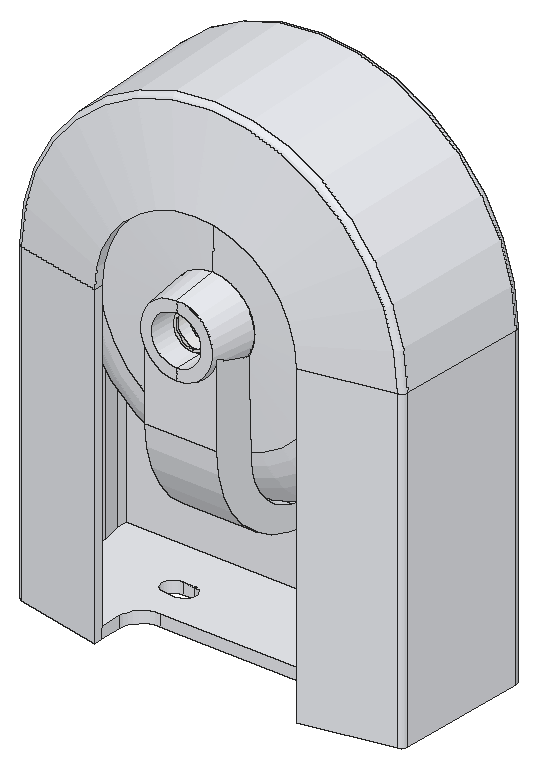
Revit family "CLARK ROUND 350 WB", category Plumbing Fixtures, host Face, Revit 2015
Parameters (values of type "CLARK ROUND 350 WB NTH")
  Waste Connection = yes
  Vent Connection = no
  URL = "https://www.clark.com.au/"
  Tap Penetrations = if([3 Tapholes], 50 mm, -5 mm)  # -5 mm
  Spout Penetration = if(or([1 Taphole], [3 Tapholes]), 50 mm, -5 mm)  # -5 mm
  Model = "CL40002-W0"
  Material_Waste = GWA_Metal-Chrome
  Material_Basin = GWA-Porcelain-White
  Manufacturer = "GWA Bathrooms & Kitchens"  # constant formula
  HW Connection = no
  Description = "CLARK ROUND 350 WB NTH"
  Default Elevation = 0 mm
  CreatedBy_ANZRS = "GWA Bathrooms & Kitchens"  # constant formula
  CW Connection = no
  Assembly Code = "D2010400"
  3 Tapholes = no
  1 Taphole = no
Types (4, lengths in mm): name | Tap Penetrations | Spout Penetration | Model | Description | 3 Tapholes | 1 Taphole
  (no name) | -5 | -5 | "CL40002-W0" | "CLARK ROUND 350 WB NTH" | no | no
  CLARK ROUND 350 WB NTH | -5 | -5 | "CL40002-W0" | "CLARK ROUND 350 WB NTH" | no | no
  CLARK ROUND 350 WB 1TH | -5 | 50 | "CL40002-W1" | "CLARK ROUND 350 WB 1TH" | no | yes
  CLARK ROUND 350 WB 3TH | 50 | 50 | "CL40002-W3" | "CLARK ROUND 350 WB 3TH" | yes | yes
Reference planes
  plane 1 "Center (Front/Back)": y = 0
  plane 2: z = 0
  plane 3 "Center (Left/Right)": x = 0
Forms (mm)
  Revolve 1, solid, material "GWA-Porcelain-White" <- "Material_Basin"
    sketch origin (0, 0, 0) x (0, 1, 0) y (0, 0, 1)
      loop
        line (-114.935, 317.767) -> (-112.667, 382.698)
        arc (-112.667, 382.698) -> (-101, 413.093) -> (-73.093, 429.861) r 50
        line (-73.093, 429.861) -> (-4.356, 444.471)
        arc (-4.356, 444.471) -> (-1.225, 446.337) -> (0, 449.77) r 5.382
        line (0, 449.77) -> (-17.905, 449.77) -> (-74.757, 437.686)
        arc (-74.757, 437.686) -> (-107.128, 418.235) -> (-120.662, 382.977) r 58
        line (-120.662, 382.977) -> (-122.94, 317.767) -> (-114.935, 317.767)
      axis (-122.94, 280.897) -> (0, 280.897)
    angle from 0 to 360
  Sweep 2, solid, material "GWA-Porcelain-White" <- "Material_Basin"
    path in 3D
      loop
        line (-168.873, 0, 0) -> (-168.873, 0, 280.897)
        arc (-168.873, 0, 280.897) -> (0, 0, 449.77) -> (168.873, 0, 280.897) r 168.873
        line (168.873, 0, 280.897) -> (168.873, 0, 0)
    profile origin (0, 0, 449.77) x (0, 0, 1) y (0, -1, 0)
      loop
        line (-3.523, 34.478) -> (0, 17.905) -> (0, 0)
        arc (0, 0) -> (3.896, 1.684) -> (5.36, 5.668) r 5.382
        line (5.36, 5.668) -> (1.853, 120.626)
        arc (1.853, 120.626) -> (0.633, 124.074) -> (-2.362, 126.173) r 6
        arc (-2.362, 126.173) -> (-40.546, 136.015) -> (-79.513, 142.051) r 400
        line (-79.513, 142.051) -> (-79.513, 133.997) -> (-42.414, 128.121) -> (-6.101, 119.001) -> (-3.523, 34.478)
  Revolve 3, solid, material "GWA-Porcelain-White" <- "Material_Basin"
    sketch origin (0, 0, 0) x (0, 1, 0) y (0, 0, 1)
      loop
        line (-162.935, 312.767) -> (-162.935, 302.767) -> (-127.935, 302.767) -> (-115.935, 314.767) -> (-114.935, 317.767) -> (-122.94, 317.767) -> (-162.935, 312.767)
      axis (-162.935, 280.897) -> (-114.935, 280.897)
    angle from 0 to 360
  Extrusion 4, void
    sketch origin (15.858, -61.929, 103.474) x (1, 0, 0) y (0, 0.978148, -0.207912)
      loop
        arc (-34.858, 36.397) -> (-40.858, 30.397) -> (-34.858, 24.397) r 6
        line (-34.858, 24.397) -> (3.142, 24.397)
        arc (3.142, 24.397) -> (9.142, 30.397) -> (3.142, 36.397) r 6
        line (3.142, 36.397) -> (-34.858, 36.397)
    from 0 to 50
  Extrusion 5, solid, material "GWA-Porcelain-White" <- "Material_Basin"
    sketch origin (0, 0, 0) x (1, 0, 0) y (0, 0, 1)
      loop
        arc (0, 112.024) -> (-119.411, 161.486) -> (-168.873, 280.897) r 168.873
        line (-168.873, 280.897) -> (-168.873, 0) -> (168.873, 0) -> (168.873, 280.897)
        arc (168.873, 280.897) -> (119.411, 161.486) -> (0, 112.024) r 168.873
    from 0 to 8
  Extrusion 6, solid, material "GWA-Porcelain-White" <- "Material_Basin"
    sketch origin (0, 0, 0) x (1, 0, 0) y (0, 1, 0)
      loop
        line (-168.873, -8) -> (-168.873, -17.905) -> (-165.35, -34.478) -> (-162.772, -119.001) -> (-126.459, -128.121) -> (-89.36, -133.997) -> (89.36, -133.997) -> (126.459, -128.121) -> (162.772, -119.001) -> (165.35, -34.478) -> (168.873, -17.905) -> (168.873, -8) -> (-168.873, -8)
    from 0 to 10
  Extrusion 7, void
    sketch origin (1.418, -99.19, 0) x (1, 0, 0) y (0, 1, 0)
      loop
        arc (-86.418, 49.19) -> (-96.418, 39.19) -> (-86.418, 29.19) r 10
        line (-86.418, 29.19) -> (-76.418, 29.19)
        arc (-76.418, 29.19) -> (-66.418, 39.19) -> (-76.418, 49.19) r 10
        line (-76.418, 49.19) -> (-86.418, 49.19)
    from -10 to 40
  Extrusion 8, void
    sketch origin (-1.418, -99.19, 0) x (-1, 0, 0) y (0, -1, 0)
      loop
        line (-86.418, -49.19) -> (-76.418, -49.19)
        arc (-76.418, -49.19) -> (-66.418, -39.19) -> (-76.418, -29.19) r 10
        line (-76.418, -29.19) -> (-86.418, -29.19)
        arc (-86.418, -29.19) -> (-96.418, -39.19) -> (-86.418, -49.19) r 10
    from -10 to 40
  Extrusion 9, void
    sketch origin (0, 0, 0) x (1, 0, 0) y (0, 1, 0)
      loop
        line (-89.36, -195) -> (89.36, -195) -> (89.36, -115)
        arc (89.36, -115) -> (83.502, -100.858) -> (69.36, -95) r 20
        line (69.36, -95) -> (-69.36, -95)
        arc (-69.36, -95) -> (-83.502, -100.858) -> (-89.36, -115) r 20
        line (-89.36, -115) -> (-89.36, -195)
    from -10 to 40
  Extrusion 10, solid, material "GWA-Porcelain-White" <- "Material_Basin"
    sketch origin (0, 0, 0) x (0, 1, 0) y (0, 0, 1)
      loop
        line (-17.905, 112.024) -> (-74.757, 124.108)
        arc (-74.757, 124.108) -> (-107.128, 143.559) -> (-120.662, 178.817) r 58
        line (-120.662, 178.817) -> (-122.94, 244.027) -> (-122.94, 279.027) -> (-157.935, 279.027) -> (-157.935, 201.298)
        arc (-157.935, 201.298) -> (-135.649, 138.366) -> (-78.726, 103.483) r 100
        line (-78.726, 103.483) -> (-17.905, 90.555) -> (-17.905, 112.024)
    from -32 to 32
  Revolve 11, void
    sketch origin (0, 0, 0) x (0, 1, 0) y (0, 0, 1)
      loop
        line (-162.935, 312.767) -> (-162.935, 280.897) -> (-114.935, 280.897) -> (-114.935, 317.767) -> (-122.94, 317.767) -> (-162.935, 312.767)
      axis (-162.935, 280.897) -> (-114.935, 280.897)
    angle from 0 to 360
  Revolve 12, solid, material "GWA_Metal-Chrome" <- "Material_Waste"
    sketch origin (0, -278.299, 359.381) x (0, 0, -1) y (0, 1, 0)
      loop
        line (95.607, 133.565) -> (97.728, 137.24) -> (97.728, 150.89) -> (99.827, 155.393) -> (99.827, 159.253) -> (108.473, 160.565) -> (108.473, 161.365) -> (98.478, 160.49) -> (98.478, 155.692) -> (95.729, 149.795) -> (95.729, 137.775) -> (93.299, 133.565) -> (95.607, 133.565)
      axis (78.484, 161.365) -> (78.484, 133.565)
    angle from 0 to 360
  Revolve 13, solid, material "GWA_Metal-Chrome" <- "Material_Waste"
    sketch origin (0, -278.299, 359.381) x (0, 0, -1) y (0, 1, 0)
      loop
        line (98.178, 159.504) -> (98.178, 160.504)
        arc (98.178, 160.504) -> (88.381, 161.998) -> (78.484, 162.514) r 100
        line (78.484, 162.514) -> (78.484, 159.504) -> (98.178, 159.504)
      axis (78.484, 162.514) -> (78.484, 159.504)
    angle from 0 to 360
  Extrusion 14, void
    sketch origin (416.235, 0, -44.65) x (1, 0, 0) y (0, 0, 1)
      loop
        circle (-416.235, 102.65) r 14
    from -10 to -5 <- "Spout Penetration"
  Extrusion 15, void
    sketch origin (227.839, 0, -8.854) x (1, 0, 0) y (0, 0, 1)
      loop
        circle (-327.839, 66.854) r 17
    from -10 to -5 <- "Tap Penetrations"
  Extrusion 16, void
    sketch origin (427.839, 0, -8.854) x (1, 0, 0) y (0, 0, 1)
      loop
        circle (-327.839, 66.854) r 17
    from -10 to -5 <- "Tap Penetrations"
Cuts and joins
  Extrusion 4 cuts Revolve 1
  Extrusion 7, Extrusion 8, Extrusion 9 cuts Extrusion 6
  Extrusion 9 cuts Sweep 2
  Revolve 11 cuts Extrusion 10
  Extrusion 14, Extrusion 15, Extrusion 16 cuts Extrusion 5
Lines and regions (mm)
  Masking region 1
    outline origin (0, 0, 0) x (1, 0, 0) y (0, 0, 1)
      loop
        arc (174.233, 280.902) -> (-0.002, 455.13) -> (-174.233, 280.897) r 174.233
        line (-174.233, 280.897) -> (-174.233, 0) -> (174.24, 0) -> (174.233, 280.902)
  Masking region 2
    outline origin (0, 0, 0) x (0, 1, 0) y (0, 0, 1)
      loop
        line (-6.186, 455.114) -> (-120.561, 451.572)
        arc (-120.561, 451.572) -> (-123.99, 450.364) -> (-126.092, 447.397) r 6
        arc (-126.092, 447.397) -> (-136.091, 409.245) -> (-142.051, 370.257) r 377.188
        line (-142.051, 370.257) -> (-142.051, 315.331) -> (-162.935, 312.767) -> (-162.935, 249.027) -> (-157.935, 248.402) -> (-157.935, 201.298)
        arc (-157.935, 201.298) -> (-153.882, 173.116) -> (-142.051, 147.219) r 100
        line (-142.051, 147.219) -> (-142.051, 0) -> (0, 0) -> (0, 449.117)
        arc (0, 449.117) -> (-1.824, 453.424) -> (-6.186, 455.114) r 6
  Masking region 3
    outline origin (0, 0, 0) x (1, 0, 0) y (0, 1, 0)
      loop
        line (168.22, 0) -> (-168.22, 0)
        arc (-168.22, 0) -> (-172.527, -1.823) -> (-174.217, -6.183) r 6
        line (-174.217, -6.183) -> (-170.726, -120.626)
        arc (-170.726, -120.626) -> (-169.506, -124.074) -> (-166.511, -126.173) r 6
        arc (-166.511, -126.173) -> (-128.327, -136.015) -> (-89.36, -142.051) r 400
        line (-89.36, -142.051) -> (-34.504, -142.051) -> (-31.87, -162.935) -> (0, -162.935) -> (31.87, -162.935) -> (34.504, -142.051) -> (89.36, -142.051)
        arc (89.36, -142.051) -> (128.327, -136.015) -> (166.511, -126.173) r 400
        arc (166.511, -126.173) -> (169.506, -124.074) -> (170.726, -120.626) r 6
        line (170.726, -120.626) -> (174.217, -6.183)
        arc (174.217, -6.183) -> (172.527, -1.823) -> (168.22, 0) r 6
  sketch lines
    curve 1: arc (-168.873, 0, 280.897) -> (0, 0, 449.77) -> (168.873, 0, 280.897) r 168.873
    curve 2: line (168.873, 0, 280.897) -> (168.873, 0, 0)
    curve 3: line (-168.873, 0, 280.897) -> (-168.873, 0, 0)
  symbolic lines
    curve 4: circle (0, 0, 280.897) r 163.574 normal (0, -1, 0)
    curve 5: arc (-174.233, 0, 280.902) -> (0.002, 0, 455.13) -> (174.233, 0, 280.897) r 174.233
    curve 6: line (174.233, 0, 280.897) -> (174.233, 0, 0)
    curve 7: line (174.233, 0, 0) -> (-174.24, 0, 0)
    curve 8: line (-174.24, 0, 0) -> (-174.233, 0, 280.902)
    curve 9: line (0, 0, 0) -> (0, 0, 449.117)
    curve 10: line (0, -6.186, 455.114) -> (0, -120.561, 451.572)
    curve 11: arc (0, -142.051, 370.257) -> (0, -136.091, 409.245) -> (0, -126.092, 447.397) r 377.188
    curve 12: arc (0, -126.092, 447.397) -> (0, -123.99, 450.364) -> (0, -120.561, 451.572) r 6
    curve 13: arc (0, -6.186, 455.114) -> (0, -1.824, 453.424) -> (0, 0, 449.117) r 6
    curve 14: line (0, -142.051, 370.257) -> (0, -142.051, 0)
    curve 15: line (0, 0, 0) -> (0, -142.051, 0)
    curve 16: line (-174.217, -6.183, 0) -> (-170.726, -120.626, 0)
    curve 17: line (170.726, -120.626, 0) -> (174.217, -6.183, 0)
    curve 18: line (168.22, 0, 0) -> (-168.22, 0, 0)
    curve 19: line (-89.36, -142.051, 0) -> (89.36, -142.051, 0)
    curve 20: arc (89.36, -142.051, 0) -> (128.327, -136.015, 0) -> (166.511, -126.173, 0) r 400
    curve 21: arc (166.511, -126.173, 0) -> (169.506, -124.074, 0) -> (170.726, -120.626, 0) r 6
    curve 22: arc (174.217, -6.183, 0) -> (172.527, -1.823, 0) -> (168.22, 0, 0) r 6
    curve 23: arc (-174.217, -6.183, 0) -> (-172.527, -1.823, 0) -> (-168.22, 0, 0) r 6
    curve 24: arc (-89.36, -142.051, 0) -> (-128.327, -136.015, 0) -> (-166.511, -126.173, 0) r 400
    curve 25: arc (-170.726, -120.626, 0) -> (-169.506, -124.074, 0) -> (-166.511, -126.173, 0) r 6
    curve 26: line (-31.87, -162.935, 0) -> (31.87, -162.935, 0)
    curve 27: line (31.87, -162.935, 0) -> (34.504, -142.051, 0)
    curve 28: line (-31.87, -162.935, 0) -> (-34.504, -142.051, 0)
    curve 29: line (0, -162.935, 312.767) -> (0, -162.935, 249.027)
    curve 30: line (0, -162.935, 249.027) -> (0, -142.051, 246.416)
    curve 31: line (0, -157.935, 248.402) -> (0, -157.935, 201.298)
    curve 32: arc (0, -157.935, 201.298) -> (0, -153.882, 173.116) -> (0, -142.051, 147.219) r 100
    curve 33: line (0, -162.935, 312.767) -> (0, -142.051, 315.331)
    curve 34: circle (0, 0, 280.897) r 29.989 normal (0, -1, 0)
    curve 35: circle (0, 0, 280.897) r 20 normal (0, -1, 0)
  symbolic lines, visible <- "1 Taphole"
    curve 36: circle (0, 0, 58) r 14 normal (0, -1, 0)
  symbolic lines, visible <- "3 Tapholes"
    curve 37: circle (-100, 0, 58) r 17 normal (0, -1, 0)
    curve 38: circle (100, 0, 58) r 17 normal (0, -1, 0)
Dimensions and locks
  aligned and locked: plane 2 to host face
  aligned and locked: level to host face
Connectors
  piping at (0, -162.935, 280.897), diameter 60
    settings: on Revolve 3, index 1, connector inside diameter 609.6 mm, connector length 0 mm, flow factor 0, pipe flow 0.0 L/s, pressure drop 0.0 Pa, fitting loss kfactor 0, connector angle 0.00°, fixture units 0, engagement length 0 mm, angle of deflection 0.00°, flow configuration 3, flow direction 2, fitting loss method 0, system type 16, joint type 0, gender type 0, connector reference index -1, connector utility 0, adjustable connector no, is connector primary yes, connector description ""
